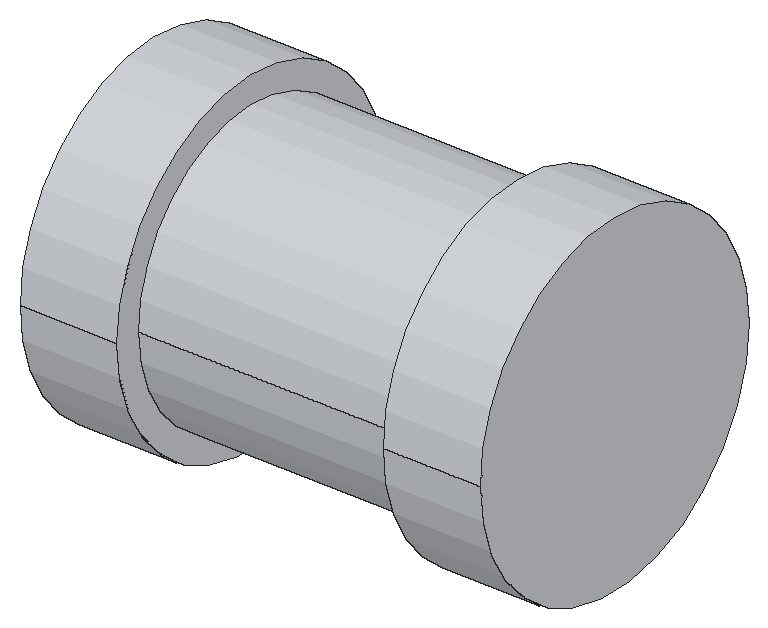
Revit family "49e75ceba60a4304adc5269edb35366b", category Pipe Fittings, Revit 2021
Family settings
  Round Connector Dimension = Use Radius
  Part Type = Union
  OmniClass Number = 23.60.30.11.14
  OmniClass Title = Pipework Fittings
  Seek Item ID = Coupling - Threaded - MI - Class 150-0000-USA-ENU
  Work Plane-Based = No
  Always vertical = Yes
  Cut with Voids When Loaded = No
  Shared = No
Parameters (values of type "Standard")
  Tick Size [instance] = Fitting Outside Diameter * 0.4  # 0.23433"
  Loss Method = K Coefficient from Table
  Lookup Table Name = "Coupling - Threaded - MI - Class 150"
  Length [instance] = size_lookup(Lookup Table Name, "Lgt", 0.74 * Nominal Diameter + 233/256", Nominal Diameter)  # 0.95276"
  Nominal Radius [instance] = 1/16"
  Nominal Diameter [instance] = Nominal Radius * 2  # 1/8"
  Metal Thickness [instance] = size_lookup(Lookup Table Name, "MThk", 0.05 * Nominal Diameter + 21/256", Nominal Diameter)  # 0.09016"
  K Coefficient Table = "Reducer/Coupling/Union/Increaser"
  Fitting Outside Radius [instance] = Fitting Outside Diameter / 2  # 0.29291"
  Fitting Outside Diameter [instance] = Fitting Inside Diameter + Metal Thickness * 2  # 0.58583"
  Fitting Inside Diameter [instance] = size_lookup(Lookup Table Name, "FID", 1.07 * Nominal Diameter + 7/32", Nominal Diameter)  # 0.40551"
  Default Elevation = 0' - 0"
  Band Width [instance] = size_lookup(Lookup Table Name, "BWid", 0.12 * Nominal Diameter + 23/128", Nominal Diameter)  # 0.20079"
  Band Outside Radius [instance] = Band Outside Diameter / 2  # 0.34646"
  Band Outside Diameter [instance] = size_lookup(Lookup Table Name, "BOD", 1.23 * Nominal Diameter + 125/256", Nominal Diameter)  # 0.69291"
  Band Insulation Width [instance] = if((Band Width) * 2 > Length, Length / 2, Band Width)  # 0.20079"
Reference planes (in)
  plane 1 "Center (Front/Back)": y = 0
  plane 2: z = 0
  plane 3 "Center (Left/Right)": x = 0
  plane 4: x = -0.27559
  plane 5: x = 0.27559
  plane 6: x = -0.47638
  plane 7: x = 0.47638
  plane 8: x = -0.27559
  plane 9: x = 0.27559
Forms (in)
  Extrusion 1, solid, detail levels fine
    sketch origin (0, 0, 0) x (0, 1, 0) y (0, 0, 1)
      loop
        circle (0, 0) r 0.34646
    from -0.47638 to -0.27559
  Extrusion 2, solid, detail levels fine
    sketch origin (0, 0, 0) x (0, 1, 0) y (0, 0, 1)
      loop
        circle (0, 0) r 0.34646
    from 0.27559 to 0.47638
  Extrusion 3, solid, detail levels fine
    sketch origin (0, 0, 0) x (0, 1, 0) y (0, 0, 1)
      loop
        circle (0, 0) r 0.29291
    from -0.27559 to 0.27559
Cuts and joins
  joined: Extrusion 1, Extrusion 2, Extrusion 3
Lines and regions (in)
  model lines, detail levels coarse+medium
    curve 1: line (0.47638, 0, 0) -> (-0.47638, 0, 0)
    curve 2: line (-0.47638, 0.23433, 0) -> (-0.47638, -0.23433, 0)
    curve 3: line (0.47638, 0.23433, 0) -> (0.47638, -0.23433, 0)
Dimensions and locks (in)
  "Band Width": plane 6 to plane 4
  "Band Width": plane 5 to plane 7
  equal spacing: plane 6, plane 3 "Center (Left/Right)", plane 7
  "Length": plane 6 to plane 7
  equal spacing: curve 2, plane 1 "Center (Front/Back)", curve 2
  equal spacing: curve 3, plane 1 "Center (Front/Back)", curve 3
  "Band Insulation Width": plane 6 to plane 8
  "Band Insulation Width": plane 9 to plane 7
  "Tick Size": plane 1 "Center (Front/Back)" to curve 2
  "Tick Size": plane 1 "Center (Front/Back)" to curve 3
  "Band Outside Radius": radius of Extrusion 1 sketch curve
  "Band Outside Radius": radius of Extrusion 2 sketch curve
  "Fitting Outside Radius": radius of Extrusion 3 sketch curve
  aligned and locked: plane 2 to Extrusion 1 sketch curve
  aligned and locked: plane 1 "Center (Front/Back)" to Extrusion 1 sketch curve
  aligned and locked: Extrusion 1 to plane 6
  aligned and locked: plane 4 to Extrusion 1
  aligned and locked: plane 1 "Center (Front/Back)" to Extrusion 2 sketch curve
  aligned and locked: plane 2 to Extrusion 2 sketch curve
  aligned and locked: Extrusion 2 to plane 5
  aligned and locked: plane 7 to Extrusion 2
  aligned and locked: Extrusion 3 to plane 4
  aligned and locked: plane 5 to Extrusion 3
  aligned and locked: plane 7 to curve 1
  aligned and locked: curve 1 to plane 1 "Center (Front/Back)"
  aligned and locked: plane 6 to curve 1
  aligned and locked: curve 2 to plane 6
  aligned and locked: curve 3 to plane 7
Automatic sketch dimensions
  Extrusion 3 sketch curve to level = 0' - 0"
  Extrusion 3 sketch curve to plane 1 "Center (Front/Back)" = 0' - 0"
Connectors (in)
  piping at (-0.47638, 0, 0), diameter 0.125, driven by "Nominal Radius"
    settings: on cut or joined group of Extrusion 1, Extrusion 2, Extrusion 3, index 1, connector inside diameter 1/8", connector length 0' - 0", flow factor 0, pipe flow 0 GPM, pressure drop 0.00 psi, fitting loss kfactor 0, connector angle 0.00°, fixture units 0, engagement length 0' - 0", angle of deflection 0.00°, flow configuration 0, flow direction 0, fitting loss method 0, system type 28, joint type 0, gender type 0, connector reference index 2, connector utility 0, adjustable connector no, is connector primary yes, connector description ""
  piping at (0.47638, 0, 0), diameter 0.125, driven by "Nominal Radius"
    settings: on cut or joined group of Extrusion 1, Extrusion 2, Extrusion 3, index 2, connector inside diameter 1/8", connector length 0' - 0", flow factor 0, pipe flow 0 GPM, pressure drop 0.00 psi, fitting loss kfactor 0, connector angle 0.00°, fixture units 0, engagement length 0' - 0", angle of deflection 0.00°, flow configuration 0, flow direction 0, fitting loss method 0, system type 28, joint type 0, gender type 0, connector reference index 1, connector utility 0, adjustable connector no, is connector primary no, connector description ""
